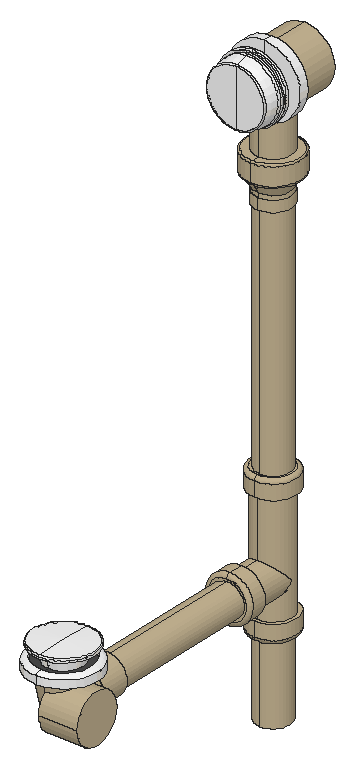
Revit family "Bath-Drain-Waterworks-Universal-Pop_up", category Pipe Accessories, host Face, Revit 2014
Parameters (values of type "White")
  ‌Installation Requirements or Notes = "For use with Waterworks Belevedere, Cambridge, Claremont, Minna, Durham, and Classic bathtubs"  # constant formula
  Warranty = "http://www.waterworks.com/warranty"
  Vertical Spread Minimum = 0' - 6 1/2"  # constant formula
  Vertical Spread Maximum = 1' - 8"  # constant formula
  Version = "2014 - v1.0a"  # constant formula
  Support Phone = "(224) 699-9545"  # constant formula
  Support Email = "mailto:support@anguleris.com"
  Overflow Drain Height Note [instance] = "12” - 20 3/8”"  # constant formula
  Drain Hole Diameter = 0' - 2"  # constant formula
  Desired Overflow Drain Height [instance] = 1' - 8 9/16"
  Model SKU = if(Constraint = 1, "26-98706-79860", if(Constraint = 2, "26-40358-18803", if(Constraint = 3, "26-30897-59789", if(Constraint = 4, "26-07645-93617", if(Constraint = 5, "26-82316-78115", if(Constraint = 6, "26-79991-92866", if(Constraint = 7, "26-48789-97497", if(Constraint = 8, "26-61680-01258", if(Constraint = 9, "26-76104-28439", if(Constraint = 10, "26-85035-71009", if(Constraint = 11, "26-63269-59968", if(Constraint = 12, "26-53766-40042", if(Constraint = 13, "26-13716-26324", if(Constraint = 14, "26-23260-40483", if(Constraint = 15, "26-36075-85449", if(Constraint = 16, "26-71091-33219", if(Constraint = 17, "26-39693-65746", if(Constraint = 18, "26-38066-10815", if(Constraint = 19, "26-16703-01157", "Not Available")))))))))))))))))))  # "26-16703-01157"
  Manufacturer Email = "mailto:acallanan@waterworks.com"
  Length = 0' - 4"  # constant formula
  Keynote = "22 40 00"
  URL = "http://www.waterworks.com/"
  Product Page URL = "http://www.waterworks.com/universal-pop-up-waste-and-overflow-drain-unwo51"
  Product Name = if(Constraint = 1, "Universal Pop-up Waste and Overflow Drain in Burnished Nickel", if(Constraint = 2, "Universal Pop-up Waste and Overflow Drain in Carbon", if(Constraint = 3, "Universal Pop-up Waste and Overflow Drain in Graphite", if(Constraint = 4, "Universal Pop-up Waste and Overflow Drain in Shiny Copper", if(Constraint = 5, "Universal Pop-up Waste and Overflow Drain in Antique Brass", if(Constraint = 6, "Universal Pop-up Waste and Overflow Drain in Antique Copper", if(Constraint = 7, "Universal Pop-up Waste and Overflow Drain in Architectural Bronze", if(Constraint = 8, "Universal Pop-up Waste and Overflow Drain in Burnished Brass", if(Constraint = 9, "Universal Pop-up Waste and Overflow Drain in Chrome", if(Constraint = 10, "Universal Pop-up Waste and Overflow Drain in Gold", if(Constraint = 11, "Universal Pop-up Waste and Overflow Drain in Matte Chrome", if(Constraint = 12, "Universal Pop-up Waste and Overflow Drain in Matte Gold", if(Constraint = 13, "Universal Pop-up Waste and Overflow Drain in Matte Nickel", if(Constraint = 14, "Universal Pop-up Waste and Overflow Drain in Nickel", if(Constraint = 15, "Universal Pop-up Waste and Overflow Drain in Pewter", if(Constraint = 16, "Universal Pop-up Waste and Overflow Drain in Sovereign", if(Constraint = 17, "Universal Pop-up Waste and Overflow Drain in Unlacquered Brass", if(Constraint = 18, "Universal Pop-up Waste and Overflow Drain in Vintage Brass", if(Constraint = 19, "Universal Pop-up Waste and Overflow Drain in White", "Not Available")))))))))))))))))))  # "Universal Pop-up Waste and Overflow Drain in White"
  Product Documentation Link = "http://assets.waterworks.com/wasset/110/original/34310.pdf"
  Model = "UNWO51"  # constant formula
  Material = ""
  Manufacturer Phone Number = "(203)546-6201"  # constant formula
  Manufacturer Address = "60 Backus Avenue, Danbury, CT 06810"  # constant formula
  Manufacturer = "Waterworks"  # constant formula
  Horizontal Spread Minimum = 0' - 6"  # constant formula
  Horizontal Spread Maximum = 0' - 11 3/4"  # constant formula
  Height [instance] = 0' 1 5/8" + Desired Overflow Drain Height + 0' 5 13/16"  # 2' - 4"
  Finish = Metal - Waterworks - White
  Drain Depth Note [instance] = "5 1/2” - 11 11/16”"  # constant formula
  Desired Drain Depth [instance] = 0' - 11 11/16"
  Description = if(Constraint = 1, "Universal Pop-up Waste and Overflow Drain in Burnished Nickel", if(Constraint = 2, "Universal Pop-up Waste and Overflow Drain in Carbon", if(Constraint = 3, "Universal Pop-up Waste and Overflow Drain in Graphite", if(Constraint = 4, "Universal Pop-up Waste and Overflow Drain in Shiny Copper", if(Constraint = 5, "Universal Pop-up Waste and Overflow Drain in Antique Brass", if(Constraint = 6, "Universal Pop-up Waste and Overflow Drain in Antique Copper", if(Constraint = 7, "Universal Pop-up Waste and Overflow Drain in Architectural Bronze", if(Constraint = 8, "Universal Pop-up Waste and Overflow Drain in Burnished Brass", if(Constraint = 9, "Universal Pop-up Waste and Overflow Drain in Chrome", if(Constraint = 10, "Universal Pop-up Waste and Overflow Drain in Gold", if(Constraint = 11, "Universal Pop-up Waste and Overflow Drain in Matte Chrome", if(Constraint = 12, "Universal Pop-up Waste and Overflow Drain in Matte Gold", if(Constraint = 13, "Universal Pop-up Waste and Overflow Drain in Matte Nickel", if(Constraint = 14, "Universal Pop-up Waste and Overflow Drain in Nickel", if(Constraint = 15, "Universal Pop-up Waste and Overflow Drain in Pewter", if(Constraint = 16, "Universal Pop-up Waste and Overflow Drain in Sovereign", if(Constraint = 17, "Universal Pop-up Waste and Overflow Drain in Unlacquered Brass", if(Constraint = 18, "Universal Pop-up Waste and Overflow Drain in Vintage Brass", if(Constraint = 19, "Universal Pop-up Waste and Overflow Drain in White", "Not Available")))))))))))))))))))  # "Universal Pop-up Waste and Overflow Drain in White"
  Depth [instance] = 0' 1 9/16" + Desired Drain Depth + 0' 1 1/4"  # 1' - 2 1/2"
  Default Elevation = 0' - 0"
  Copyright = "@2017 Waterworks Operating Company LLC. All rights reserved"  # constant formula
  Constraint = 19
  Outlet Connection Size = 0' - 1 1/2"  # constant formula
  Outlet Connection Type = "Outlet - TallPiece"  # constant formula
  Code Compliance = "Code # FDWO51: IAPMO"  # constant formula
  Certification cUPC = 1 = 1  # yes
  Certification State of MA = 1 = 1  # yes
  Certification IAPMO = 1 = 1  # yes
  C Overflow Drain Height [instance] = if(Desired Overflow Drain Height < 1' 0", 1' 0", if(Desired Overflow Drain Height > 1' 8 9/16", 1' 8 9/16", Desired Overflow Drain Height))  # 1' - 8 9/16"
  C Drain Depth [instance] = if(Desired Drain Depth < 0' 5 1/2", 0' 5 1/2", if(Desired Drain Depth > 0' 11 11/16", 0' 11 11/16", Desired Drain Depth))  # 0' - 11 11/16"
  Assembly Code = "D2010"
  Alt Finish = Metal - Waterworks - Unfinished
Types (19): name | Desired Overflow Drain Height | Model SKU | Product Name | Product Documentation Link | Height | Finish | Desired Drain Depth | Description | Depth | Constraint
  White | 1' - 8 9/16" | "26-16703-01157" | "Universal Pop-up Waste and Overflow Drain in White" | "http://assets.waterworks.com/wasset/110/original/34310.pdf" | 2' - 4" | Metal - Waterworks - White | 0' - 11 11/16" | "Universal Pop-up Waste and Overflow Drain in White" | 1' - 2 1/2" | 19
  Vintage Brass | 1' - 10" | "26-38066-10815" | "Universal Pop-up Waste and Overflow Drain in Vintage Brass" | "http://assets.waterworks.com/wasset/110/original/34310.pdf?_ga=1.47841831.1801506264.1487002180" | 2' - 5 7/16" | Metal - Waterworks - Vintage Brass | 1' - 0" | "Universal Pop-up Waste and Overflow Drain in Vintage Brass" | 1' - 2 13/16" | 18
  Unlacquered Brass | 1' - 10" | "26-39693-65746" | "Universal Pop-up Waste and Overflow Drain in Unlacquered Brass" | "http://assets.waterworks.com/wasset/110/original/34310.pdf?_ga=1.47841831.1801506264.1487002180" | 2' - 5 7/16" | Metal - Waterworks - Unlacquered Brass | 1' - 0" | "Universal Pop-up Waste and Overflow Drain in Unlacquered Brass" | 1' - 2 13/16" | 17
  Sovereign | 1' - 10" | "26-71091-33219" | "Universal Pop-up Waste and Overflow Drain in Sovereign" | "http://assets.waterworks.com/wasset/110/original/34310.pdf?_ga=1.47841831.1801506264.1487002180" | 2' - 5 7/16" | Metal - Waterworks - Sovereign | 1' - 0" | "Universal Pop-up Waste and Overflow Drain in Sovereign" | 1' - 2 13/16" | 16
  Pewter | 1' - 10" | "26-36075-85449" | "Universal Pop-up Waste and Overflow Drain in Pewter" | "http://assets.waterworks.com/wasset/110/original/34310.pdf?_ga=1.47841831.1801506264.1487002180" | 2' - 5 7/16" | Metal - Waterworks - Pewter | 1' - 0" | "Universal Pop-up Waste and Overflow Drain in Pewter" | 1' - 2 13/16" | 15
  Nickel | 1' - 10" | "26-23260-40483" | "Universal Pop-up Waste and Overflow Drain in Nickel" | "http://assets.waterworks.com/wasset/110/original/34310.pdf?_ga=1.47841831.1801506264.1487002180" | 2' - 5 7/16" | Metal - Waterworks - Nickel | 1' - 0" | "Universal Pop-up Waste and Overflow Drain in Nickel" | 1' - 2 13/16" | 14
  Matte Nickel | 1' - 10" | "26-13716-26324" | "Universal Pop-up Waste and Overflow Drain in Matte Nickel" | "http://assets.waterworks.com/wasset/110/original/34310.pdf?_ga=1.47841831.1801506264.1487002180" | 2' - 5 7/16" | Metal - Waterworks - Matte Nickel | 1' - 0" | "Universal Pop-up Waste and Overflow Drain in Matte Nickel" | 1' - 2 13/16" | 13
  Matte Gold | 1' - 10" | "26-53766-40042" | "Universal Pop-up Waste and Overflow Drain in Matte Gold" | "http://assets.waterworks.com/wasset/110/original/34310.pdf?_ga=1.47841831.1801506264.1487002180" | 2' - 5 7/16" | Metal - Waterworks - Matte Gold | 1' - 0" | "Universal Pop-up Waste and Overflow Drain in Matte Gold" | 1' - 2 13/16" | 12
  Matte Chrome | 1' - 10" | "26-63269-59968" | "Universal Pop-up Waste and Overflow Drain in Matte Chrome" | "http://assets.waterworks.com/wasset/110/original/34310.pdf?_ga=1.47841831.1801506264.1487002180" | 2' - 5 7/16" | Metal - Waterworks - Matte Chrome | 1' - 0" | "Universal Pop-up Waste and Overflow Drain in Matte Chrome" | 1' - 2 13/16" | 11
  Gold | 1' - 10" | "26-85035-71009" | "Universal Pop-up Waste and Overflow Drain in Gold" | "http://assets.waterworks.com/wasset/110/original/34310.pdf?_ga=1.47841831.1801506264.1487002180" | 2' - 5 7/16" | Metal - Waterworks - Gold | 1' - 0" | "Universal Pop-up Waste and Overflow Drain in Gold" | 1' - 2 13/16" | 10
  Chrome | 1' - 10" | "26-76104-28439" | "Universal Pop-up Waste and Overflow Drain in Chrome" | "http://assets.waterworks.com/wasset/110/original/34310.pdf?_ga=1.47841831.1801506264.1487002180" | 2' - 5 7/16" | Metal - Waterworks - Chrome | 1' - 0" | "Universal Pop-up Waste and Overflow Drain in Chrome" | 1' - 2 13/16" | 9
  Burnished Brass | 1' - 10" | "26-61680-01258" | "Universal Pop-up Waste and Overflow Drain in Burnished Brass" | "http://assets.waterworks.com/wasset/110/original/34310.pdf?_ga=1.47841831.1801506264.1487002180" | 2' - 5 7/16" | Metal - Waterworks - Burnished Brass | 1' - 0" | "Universal Pop-up Waste and Overflow Drain in Burnished Brass" | 1' - 2 13/16" | 8
  Architectural Bronze | 1' - 10" | "26-48789-97497" | "Universal Pop-up Waste and Overflow Drain in Architectural Bronze" | "http://assets.waterworks.com/wasset/110/original/34310.pdf?_ga=1.47841831.1801506264.1487002180" | 2' - 5 7/16" | Metal - Waterworks - Architectural Bronze | 1' - 0" | "Universal Pop-up Waste and Overflow Drain in Architectural Bronze" | 1' - 2 13/16" | 7
  Antique Copper | 1' - 10" | "26-79991-92866" | "Universal Pop-up Waste and Overflow Drain in Antique Copper" | "http://assets.waterworks.com/wasset/110/original/34310.pdf?_ga=1.47841831.1801506264.1487002180" | 2' - 5 7/16" | Metal - Waterworks - Antique Copper | 1' - 0" | "Universal Pop-up Waste and Overflow Drain in Antique Copper" | 1' - 2 13/16" | 6
  Antique Brass | 1' - 10" | "26-82316-78115" | "Universal Pop-up Waste and Overflow Drain in Antique Brass" | "http://assets.waterworks.com/wasset/110/original/34310.pdf?_ga=1.47841831.1801506264.1487002180" | 2' - 5 7/16" | Metal - Waterworks - Antique Brass | 1' - 0" | "Universal Pop-up Waste and Overflow Drain in Antique Brass" | 1' - 2 13/16" | 5
  Shiny Copper | 1' - 10" | "26-07645-93617" | "Universal Pop-up Waste and Overflow Drain in Shiny Copper" | "http://assets.waterworks.com/wasset/110/original/34310.pdf?_ga=1.47841831.1801506264.1487002180" | 2' - 5 7/16" | Metal - Waterworks - Shiny Copper | 1' - 0" | "Universal Pop-up Waste and Overflow Drain in Shiny Copper" | 1' - 2 13/16" | 4
  Graphite | 1' - 10" | "26-30897-59789" | "Universal Pop-up Waste and Overflow Drain in Graphite" | "http://assets.waterworks.com/wasset/110/original/34310.pdf?_ga=1.47841831.1801506264.1487002180" | 2' - 5 7/16" | Metal - Waterworks - Graphite | 1' - 0" | "Universal Pop-up Waste and Overflow Drain in Graphite" | 1' - 2 13/16" | 3
  Carbon | 1' - 10" | "26-40358-18803" | "Universal Pop-up Waste and Overflow Drain in Carbon" | "http://assets.waterworks.com/wasset/110/original/34310.pdf?_ga=1.47841831.1801506264.1487002180" | 2' - 5 7/16" | Metal - Waterworks - Carbon | 1' - 0" | "Universal Pop-up Waste and Overflow Drain in Carbon" | 1' - 2 13/16" | 2
  Burnished Nickel | 1' - 10" | "26-98706-79860" | "Universal Pop-up Waste and Overflow Drain in Burnished Nickel" | "http://assets.waterworks.com/wasset/110/original/34310.pdf?_ga=1.47841831.1801506264.1487002180" | 2' - 5 7/16" | Metal - Waterworks - Burnished Nickel | 1' - 0" | "Universal Pop-up Waste and Overflow Drain in Burnished Nickel" | 1' - 2 13/16" | 1
Reference planes (in)
  plane 1 "Center (Front/Back)": y = 0
  plane 2 "Center (Elevation)": z = 0
  plane 3 "Center (Left/Right)": x = 0
  plane 4: y = 11.6875
  plane 5 "Front": y = -1.56415
  plane 6 "Back": y = 12.92736
  plane 7: x = 2.40039
  plane 8: x = -1.54235
  plane 9 "Top": z = 20.51021
  plane 10: z = 18.90625
  plane 11 "Bottom": z = -7.5
  plane 12: z = -1.65625
  plane 13: x = 0.74803
Forms (in)
  Revolve 1, solid, material "Metal - Waterworks - White" <- "Finish", detail levels fine
    sketch origin (0, 0, 0) x (0, 1, 0) y (0, 0, 1)
      loop
        line (0, 0.79657) -> (0, -0.35) -> (1.52085, -0.35) -> (1.52085, 0)
        arc (1.52085, 0) -> (1.39688, 0.09228) -> (1.24585, 0.125) r 0.365
        line (1.24585, 0.125) -> (1.22341, 0) -> (0.84297, 0) -> (0.92869, 0.47755)
        arc (0.92869, 0.47755) -> (0.98266, 0.57052) -> (1.0837, 0.6072) r 0.15748
        line (1.0837, 0.6072) -> (1.38031, 0.6072) -> (1.38031, 0.7047)
        arc (1.38031, 0.7047) -> (1.36985, 0.73143) -> (1.34402, 0.74395) r 0.03937
        arc (1.34402, 0.74395) -> (0.67253, 0.78341) -> (0, 0.79657) r 17.18869
      axis (0, 0.79657) -> (0, -0.35)
    angle from 0 to 360
  Revolve 2, solid, material "Metal - Waterworks - Unfinished" <- "Alt Finish", detail levels fine
    sketch origin (0, 0, 0) x (0, 1, 0) y (0, 0, 1)
      loop
        line (0, -0.35) -> (-1.16818, -0.35)
        arc (-1.16818, -0.35) -> (-1.11493, -0.4177) -> (-1.08949, -0.5) r 0.23622
        arc (-1.08949, -0.5) -> (-0.97408, -1.21332) -> (-0.79646, -1.91374) r 8.21797
        arc (-0.79646, -1.91374) -> (-0.4962, -2.34156) -> (0, -2.50579) r 0.83175
        line (0, -2.50579) -> (0, -0.35)
      axis (0, -0.35) -> (0, -2.50579)
    angle from 0 to 360
  Revolve 3, solid, material "Metal - Waterworks - Unfinished" <- "Alt Finish", detail levels fine
    sketch origin (0, 0, 0) x (0, 1, 0) y (0, 0, 1)
      loop
        line (2.43622, -2.52357) -> (2.43622, -2.40251) -> (9.12315, -2.40251) -> (9.12315, -2.52219)
        arc (9.12315, -2.52219) -> (9.17308, -2.64274) -> (9.29363, -2.69267) r 0.17048
        line (9.29363, -2.69267) -> (9.93732, -2.69267) -> (9.93732, -2.50113) -> (11.6875, -2.50113) -> (11.6875, -1.65625) -> (0, -1.65625) -> (0, -2.45349) -> (1.18898, -2.45349) -> (1.18898, -2.52357) -> (2.43622, -2.52357)
      axis (11.6875, -1.65625) -> (0, -1.65625)
    angle from 0 to 360
  Revolve 4, solid, material "Metal - Waterworks - Unfinished" <- "Alt Finish", detail levels fine
    sketch origin (0, 0, 0) x (0, 1, 0) y (0, 0, 1)
      loop
        line (11.6875, 19.52851) -> (11.6875, -7.5) -> (12.43553, -7.5) -> (12.43553, -3.98204) -> (12.55344, -3.98204)
        arc (12.55344, -3.98204) -> (12.67399, -3.93211) -> (12.72392, -3.81156) r 0.17048
        line (12.72392, -3.81156) -> (12.72392, -3.16786) -> (12.53494, -3.16786) -> (12.53494, 1.79355) -> (12.72392, 1.79355) -> (12.72392, 2.43725)
        arc (12.72392, 2.43725) -> (12.67399, 2.55779) -> (12.55344, 2.60773) r 0.17048
        line (12.55344, 2.60773) -> (12.43553, 2.60773) -> (12.43553, 13.1907) -> (12.51427, 13.1907) -> (12.51427, 13.67495) -> (12.47667, 13.67495) -> (12.47667, 13.85881) -> (12.81086, 14.41393) -> (12.89611, 14.41393)
        arc (12.89611, 14.41393) -> (12.91821, 14.42308) -> (12.92736, 14.44518) r 0.03125
        line (12.92736, 14.44518) -> (12.92736, 15.25694)
        arc (12.92736, 15.25694) -> (12.90906, 15.30113) -> (12.86486, 15.31944) r 0.0625
        line (12.86486, 15.31944) -> (12.50049, 15.31944) -> (12.50049, 18.23558)
        spline (12.50049, 18.23558) -> (12.49354, 18.40434) -> (12.47279, 18.57022) -> (12.43861, 18.73036) -> (12.39157, 18.88205) -> (12.33249, 19.02267) -> (12.26237, 19.14982) -> (12.18242, 19.26133) -> (12.094, 19.35529) -> (11.99862, 19.4301) -> (11.89792, 19.48446) -> (11.79362, 19.51745) -> (11.6875, 19.52851)
      axis (11.6875, 19.52851) -> (11.6875, -7.5)
    angle from 0 to 360
  Revolve 5, solid, material "Metal - Waterworks - White" <- "Finish", detail levels fine
    sketch origin (0.74803, 24, 48) x (0, 1, 0) y (0, 0, 1)
      loop
        line (-13.31329, -27.48979) -> (-13.74281, -27.48979) -> (-13.74281, -28.64085) -> (-14.24281, -28.64085) -> (-14.24281, -27.61703) -> (-14.35974, -27.61703)
        arc (-14.35974, -27.61703) -> (-14.38758, -27.62856) -> (-14.39911, -27.6564) r 0.03937
        line (-14.39911, -27.6564) -> (-14.39911, -28.62116) -> (-14.53297, -28.62116) -> (-14.53297, -27.65119)
        arc (-14.53297, -27.65119) -> (-14.57563, -27.6221) -> (-14.58715, -27.67243) r 0.03125
        line (-14.58715, -27.67243) -> (-14.71428, -27.68888)
        arc (-14.71428, -27.68888) -> (-15.00129, -27.74043) -> (-15.27947, -27.8279) r 2.29898
        arc (-15.27947, -27.8279) -> (-15.30335, -27.78638) -> (-15.34006, -27.81715) r 0.03125
        line (-15.34006, -27.81715) -> (-15.34006, -29.08986) -> (-13.31329, -29.08986) -> (-13.31329, -27.48979)
      axis (-13.31329, -29.08986) -> (-15.34006, -29.08986)
    angle from 0 to 360
  Revolve 6, solid, material "Metal - Waterworks - Unfinished" <- "Alt Finish", detail levels fine
    sketch origin (0.74803, 24, 48) x (0, 1, 0) y (0, 0, 1)
      loop
        line (-13.31329, -27.75241) -> (-13.31329, -29.09375) -> (-11.41841, -29.09375) -> (-11.41841, -28.16058) -> (-11.49951, -28.16058) -> (-11.49951, -27.75241) -> (-13.31329, -27.75241)
      axis (-11.41841, -29.09375) -> (-13.31329, -29.09375)
    angle from 0 to 360
  Extrusion 7, solid, material "Metal - Waterworks - Unfinished" <- "Alt Finish", detail levels fine
    sketch origin (0, 0, 0) x (0, 1, 0) y (0, 0, 1)
      loop
        circle (-0.2935, -1.65625) r 1.09272
    from 0 to 1.71417
  Extrusion 8, void
    sketch origin (0, 0, 0) x (1, 0, 0) y (0, 1, 0)
      loop
        circle (0, 0) r 1.52085
    from -2.80078 to 0.6072
Cuts and joins
  joined: Revolve 2, Revolve 3, Extrusion 7
Lines and regions (in)
  model lines, detail levels coarse+medium
    curve 1: line (0, 11.6875, -7.5) -> (0, 11.6875, 18.90625)
    curve 2: line (0, 11.6875, -1.65625) -> (0, 0, -1.65625)
    curve 3: line (0, 0, -1.65625) -> (0, 0, 0)
    curve 4: line (0, 0.84297, 0) -> (0, -0.84297, 0)
    curve 5: line (0, 11.6875, 18.90625) -> (0, 10.25719, 18.90625)
    curve 6: line (0, 10.25719, 19.74922) -> (0, 10.25719, 18.06328)
    curve 7: line (0, 12.53047, -7.5) -> (0, 10.84453, -7.5)
Dimensions and locks (in)
  locked: plane 5 "Front" to plane 1 "Center (Front/Back)" at 1.56415
  locked: plane 4 to plane 6 "Back" at 1.23986
  "C Drain Depth": plane 1 "Center (Front/Back)" to plane 4
  locked: plane 2 "Center (Elevation)" to plane 12 at 1.65625
  locked: plane 9 "Top" to plane 10 at 1.60396
  "C Overflow Drain Height": plane 10 to plane 12
  Revolve 1 sketch curve to Revolve 1 sketch curve to Revolve 1 sketch curve to plane 2 "Center (Elevation)" to Revolve 1 sketch curve to Revolve 1 sketch curve to Revolve 1 sketch curve to Revolve 1 sketch curve = 0' - 0.18937" locked, 0' - 0.15748" locked, 0' - 0.44972" locked, 0' - 0" locked, 0' - 0.24" locked, 0' - 0.11" locked, 1' - 4.04212" locked
  Revolve 1 sketch curve to Revolve 1 sketch curve to Revolve 1 sketch curve to Revolve 1 sketch curve to Revolve 1 sketch curve to Revolve 1 sketch curve to Revolve 1 sketch curve to plane 1 "Center (Front/Back)" = 0' - 0.14053" locked, 0' - 0.03937" locked, 0' - 0.0951" locked, 0' - 0.02244" locked, 0' - 0.13971" locked, 0' - 0.24073" locked, 0' - 0.84297" locked
  Revolve 2 sketch curve to Revolve 2 sketch curve to plane 12 to Revolve 2 sketch curve = 0' - 0.98204" locked, 0' - 1.12881" locked, 0' - 0.01779" locked
  Revolve 2 sketch curve to plane 1 "Center (Front/Back)" to Revolve 2 sketch curve = 0' - 7.07285" locked, 0' - 1.32411" locked
  plane 4 to Revolve 3 sketch curve to Revolve 3 sketch curve to Revolve 3 sketch curve = 0' - 1.75018" locked, 0' - 0.6437" locked, 0' - 0.17048" locked
  Revolve 3 sketch curve to Revolve 3 sketch curve to plane 1 "Center (Front/Back)" = 0' - 1.24724" locked, 0' - 1.18898" locked
  plane 12 to Revolve 3 sketch curve to Revolve 3 sketch curve to Revolve 3 sketch curve to Revolve 3 sketch curve to Revolve 3 sketch curve to Revolve 3 sketch curve = 0' - 0.74626" locked, 0' - 0.05098" locked, 0' - 0.04764" locked, 0' - 0.02106" locked, 0' - 0.00138" locked, 0' - 0.16909" locked
  Revolve 4 sketch curve to Revolve 4 sketch curve to Revolve 4 sketch curve to plane 12 to Revolve 4 sketch curve to Revolve 4 sketch curve to Revolve 4 sketch curve = 0' - 0.17048" locked, 0' - 0.6437" locked, 0' - 3.4498" locked, 0' - 1.51161" locked, 0' - 0.6437" locked, 0' - 0.17048" locked
  plane 8 to plane 3 "Center (Left/Right)" to plane 13 to plane 7 = 0' - 1.54235" locked, 0' - 0.74803" locked, 0' - 1 167/256" locked
  plane 4 to Revolve 5 sketch curve to Revolve 5 sketch curve to Revolve 5 sketch curve to Revolve 5 sketch curve to Revolve 5 sketch curve to Revolve 5 sketch curve to Revolve 5 sketch curve to Revolve 5 sketch curve to Revolve 5 sketch curve to Revolve 5 sketch curve = 0' - 1.00079" locked, 0' - 0.42953" locked, 0' - 0 1/2" locked, 0' - 0.11693" locked, 0' - 0.03937" locked, 0' - 0.05305" locked, 0' - 0.08081" locked, 0' - 0 1/32" locked, 0' - 0.74459" locked, 0' - 0 1/32" locked
  Revolve 5 sketch curve to Revolve 5 sketch curve to Revolve 5 sketch curve to Revolve 5 sketch curve to Revolve 5 sketch curve to Revolve 5 sketch curve to plane 10 to Revolve 5 sketch curve = 0' - 0.03416" locked, 0' - 0.00521" locked, 0' - 0.16075" locked, 0' - 0.80401" locked, 0' - 0.01969" locked, 0' - 0.4529" locked, 0' - 0.87911" locked
  Revolve 6 sketch curve to Revolve 6 sketch curve to plane 10 = 0' - 0.40817" locked, 0' - 0.93317" locked
  Revolve 6 sketch curve to Revolve 6 sketch curve to plane 4 = 0' - 0.0811" locked, 0' - 0.81299" locked
  Revolve 4 sketch curve to Revolve 4 sketch curve to Revolve 4 sketch curve to Revolve 4 sketch curve to Revolve 4 sketch curve to Revolve 4 sketch curve to Revolve 4 sketch curve to Revolve 4 sketch curve to Revolve 4 sketch curve to Revolve 4 sketch curve to Revolve 4 sketch curve to Revolve 4 sketch curve to plane 4 = 0' - 0 1/32" locked, 0' - 0.14094" locked, 0' - 0" locked, 0' - 0.17048" locked, 0' - 0" locked, 0' - 0.0185" locked, 0' - 0.02067" locked, 0' - 0.01378" locked, 0' - 0.02382" locked, 0' - 0.04114" locked, 0' - 0" locked, 0' - 0.74803" locked
  plane 10 to Revolve 4 sketch curve to Revolve 4 sketch curve to Revolve 4 sketch curve to Revolve 4 sketch curve to Revolve 4 sketch curve to Revolve 4 sketch curve to Revolve 4 sketch curve = 0' - 0.67067" locked, 0' - 2.91614" locked, 0' - 0 1/16" locked, 0' - 0.81176" locked, 0' - 0 1/32" locked, 0' - 0.73898" locked, 0' - 0.48425" locked
  Extrusion 7 sketch curve to plane 1 "Center (Front/Back)" to Extrusion 7 sketch curve = 0' - 0.2935" locked, 0' - 0.79921" locked
  locked: plane 3 "Center (Left/Right)" to Extrusion 7 at 1.71417
  equal spacing: curve 4, plane 1 "Center (Front/Back)", curve 4, locked at 0.84297 each
  equal spacing: curve 6, plane 10, curve 6, locked at 0.84297 each
  equal spacing: curve 7, plane 4, curve 7, locked at 0.84297 each
  locked: plane 2 "Center (Elevation)" to Extrusion 8 at 2.80078
  locked: plane 12 to plane 11 "Bottom" at 5.84375
  plane 9 "Top" to plane 11 "Bottom" = 2' - 4.01021"
  aligned and locked: host face to plane 2 "Center (Elevation)"
  aligned and locked: level to host face
  aligned and locked: plane 1 "Center (Front/Back)" to Revolve 1 sketch curve  (x3)
  aligned and locked: Revolve 2 sketch curve to plane 1 "Center (Front/Back)"  (x2)
  aligned and locked: plane 1 "Center (Front/Back)" to Revolve 2 sketch curve
  aligned and locked: Revolve 2 sketch curve to Revolve 1
  aligned and locked: Revolve 3 sketch curve to plane 12
  aligned and locked: Revolve 3 sketch curve to plane 4
  aligned and locked: plane 1 "Center (Front/Back)" to Revolve 3 sketch curve
  aligned and locked: plane 4 to Revolve 4 sketch curve  (x2)
  aligned and locked: Revolve 4 sketch curve to plane 4
  aligned and locked: plane 11 "Bottom" to Revolve 4 sketch curve
  aligned and locked: plane 9 "Top" to Revolve 5 sketch curve
  aligned and locked: Revolve 6 sketch curve to plane 10  (x2)
  aligned and locked: Revolve 6 sketch curve to Revolve 5
  aligned and locked: plane 12 to Extrusion 7 sketch curve
  aligned and locked: Extrusion 7 to plane 3 "Center (Left/Right)"
  aligned and locked: plane 4 to curve 1
  aligned and locked: plane 11 "Bottom" to curve 1
  aligned and locked: curve 2 to plane 12
  aligned and locked: plane 4 to curve 2
  aligned and locked: plane 1 "Center (Front/Back)" to curve 3
  aligned and locked: plane 2 "Center (Elevation)" to curve 3
  aligned and locked: curve 4 to plane 2 "Center (Elevation)"
  aligned and locked: curve 5 to plane 10
  aligned and locked: curve 6 to Revolve 5
  aligned and locked: curve 7 to plane 11 "Bottom"
  aligned and locked: Extrusion 8 sketch curve to Revolve 1  (x2)
  aligned and locked: Extrusion 8 to Revolve 1
Automatic sketch dimensions
  host sketch curve to host sketch curve = 6' - 0"  (x2)
  Revolve 1 sketch curve to level = 0' - 0"
  Revolve 1 sketch curve to Revolve 1 sketch curve = 0' - 0.02782"
  Revolve 1 sketch curve to Revolve 1 sketch curve = 0' - 0.09749"
  Revolve 1 sketch curve to Revolve 1 sketch curve = 0' - 7.60788"
  plane 9 "Top" to Revolve 1 sketch curve = 0' - 10.38169"
  Revolve 2 sketch curve to Revolve 2 sketch curve = 0' - 0.15593"
  Revolve 2 sketch curve to Revolve 2 sketch curve = 0' - 0"
  Revolve 2 sketch curve to plane 11 "Bottom" = 1' - 4.49323"
  plane 9 "Top" to Revolve 2 sketch curve = 0' - 10.38169"
  Revolve 2 sketch curve to plane 12 = 0' - 0.84954"
  Revolve 3 sketch curve to plane 12 = 0' - 0"
  plane 5 "Front" to Revolve 3 sketch curve = 1' - 4.43585"
  Revolve 3 sketch curve to plane 6 "Back" = 0' - 7.76014"
  plane 10 to Revolve 5 sketch curve = 0' - 0 1/256"  (x2)
  Revolve 5 sketch curve to plane 9 "Top" = 0' - 0.19908"
  Revolve 5 sketch curve to Revolve 5 sketch curve = 0' - 0.15006"
  Revolve 5 sketch curve to plane 9 "Top" = 0' - 0.18264"
  plane 5 "Front" to Revolve 5 sketch curve = 1' - 4.43585"
  Revolve 5 sketch curve to plane 6 "Back" = 0' - 7.76014"
  plane 5 "Front" to Revolve 6 sketch curve = 1' - 4.43585"
  Revolve 6 sketch curve to plane 6 "Back" = 0' - 7.76014"
  plane 6 "Back" to Revolve 4 sketch curve = 0' - 0.1165"
  Revolve 4 sketch curve to Revolve 4 sketch curve = 0' - 0.18386"
  Revolve 4 sketch curve to plane 9 "Top" = 0' - 0.98169"
  Revolve 4 sketch curve to plane 11 "Bottom" = 0' - 4.49323"
  plane 9 "Top" to Revolve 4 sketch curve = 0' - 4.38169"
  curve 4 to plane 5 "Front" = 0' - 0.72119"
  curve 6 to plane 10 = 0' - 0.84297"
  plane 4 to curve 7 = 0' - 0.84297"
Connectors (in)
  piping at (0, 11.6875, -7.5), diameter 1.5, driven by "Outlet Connection Type", driven by "Outlet Connection Size"
    settings: on Revolve 4, index 1, connector inside diameter 24", connector length 0' - 0", flow factor 0, pipe flow 1.5 GPM, pressure drop 0.00 psi, fitting loss kfactor 0, connector angle 0.00°, fixture units 0, engagement length 0' - 0", angle of deflection 0.00°, flow configuration 0, flow direction 2, fitting loss method 0, system type 16, joint type 0, gender type 0, connector reference index -1, connector utility 0, adjustable connector no, is connector primary yes, connector description "Outlet - TallPiece"
